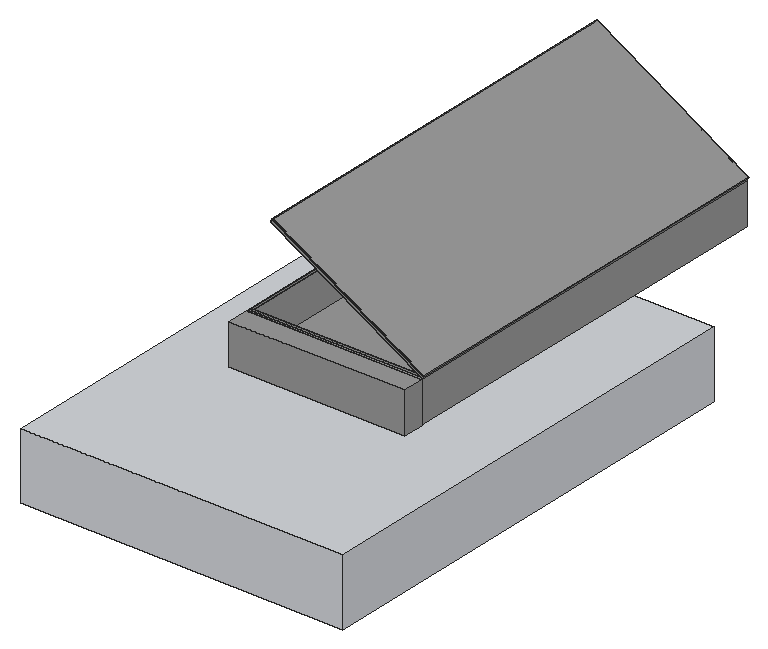
Revit family "Hager-Univers-IP54-D205-H1950-Cl.II-Encl-CH-it", category Equipement électrique, Revit 2020
Family settings
  Hôte = Face
  Configuration du panneau = Deux colonnes, circuits au sein
  Cote de connecteur circulaire = Utiliser le diamètre
  Type d'élément = Tableau de raccordement
  Couper avec des vides une fois chargée = Non
  Partagée = Non
  Point de calcul de pièce = Non
Parameters (values of type "montaggio a pavimento IP54 L800 A1950 P205  - FP23SW2")
  Width Control [instance] = if([EF000008 - Larghezza] > Min Width, [EF000008 - Larghezza], Min Width)  # 800 mm
  Commentaires du type = [HG000003 - Gamma]  # "Univers"
  Thickness Door [instance] = if([EF009171 - spessore materiale porta/coperchio] > 3 mm, 3 mm, [EF009171 - spessore materiale porta/coperchio])  # 1 mm
  Seal Frame Offset [instance] = 17 mm  # constant formula
  Plinth Visibility [instance] = [HG000027 - Altezza dello zoccolo] > 0 mm  # yes
  Model = ""
  Min Width [instance] = 100 mm  # constant formula
  Min Height [instance] = 100 mm  # constant formula
  Min Depth [instance] = (2 * [EF009170 - spessore materiale scatola]) + 1 mm  # 3 mm
  Internal Frame Depth [instance] = (Door System Depth * 0.5)  # 9 mm
  Height Control [instance] = if([EF000040 - Altezza] > Min Height, [EF000040 - Altezza], Min Height)  # 1950 mm
  HG000027 - Altezza dello zoccolo = 100 mm
  HG000026 - A pavimento = yes
  HG000024 - Altezza della sezione inferiore = 800 mm
  HG000023 - Custodia a doppia sezione = no
  HG000016 - Visibilità delle porte nella vista 3D [instance] = yes
  HG000015 - Visibilità attraverso la porta [instance] = no
  HG000014 - Porta destra [instance] = yes
  HG000013 - Porta sinistra [instance] = not([HG000014 - Porta destra])  # no
  HG000012 - Angolo di apertura della porta [instance] = 30.00°
  HG000010 - Porte asimmetriche = no
  HG000009 - Porta doppia a battente = no
  HG000006 - Ad incasso = no
  HG000004 - Codice produttore = "FP23SW2"
  HG000003 - Gamma = "Univers"
  HG000002 - Con porta = yes
  Frame Offset Bottom [instance] = 10 mm  # constant formula
  Frame Offset [instance] = 15 mm  # constant formula
  EF015940 - Coprire con rilascio di sovrapressione = no
  EF011959 - tipo di protezione (NEMA) = ""
  EF009554 - numero delle aperture per la piastra della flangia = 6
  Fabricant = "Hager"  # constant formula
  EF009212 - esecuzione coperchio = "EV000116 - chiuso"
  EF009171 - spessore materiale porta/coperchio = 1 mm
  EF009170 - spessore materiale scatola = 1 mm
  EF008873 - corrente nominale (In) = 400 A
  EF007800 - adatto per parafulmine = no
  EF006306 - con serratura = no
  EF006244 - coperchio/porta trasparente = no
  EF005474 - grado di protezione (IP) = "EV006419 - IP54"
  EF004464 - tipo di porta = "EV002646 - singolo"
  EF004427 - numero di moduli = 432
  EF004293 - resistenza agli urti = "EV006815 - IK09"
  EF003532 - adatto per uso esterno = no
  EF002950 - Numero moduli DIN = 36
  EF001613 - Integrità del circuito = "EV000494 - senza"
  EF001596 - Attacco Lampada = "EV000179 - acciaio"
  EF001131 - profondità interna = 143 mm
  EF001088 - possibilità di applicazione = yes
  EF000437 - numero di ingressi per conduttori = 6
  EF000339 - tipo di copertura = "EV001012 - coperchio"
  EF000266 - numero di file = 12
  EF000218 - profondità di incasso = 0 mm
  EF000118 - con piastra di montaggio = no
  EF000116 - numero RAL = "9010"
  EF000049 - profondità = 205 mm
  EF000040 - Altezza = 1950 mm
  EF000008 - Larghezza = 800 mm
  EF000007 - colore = "EV000202 - bianco"
  EF000003 - Tipo di montaggio = "EV012274 - montaggio a pavimento"
  Door System Leaf Tolerance [instance] = 1.5 mm  # constant formula
  Door System Depth [instance] = 18 mm  # constant formula
  Door Height [instance] = Height Control - [HG000027 - Altezza dello zoccolo]  # 1850 mm
  Depth Control [instance] = if([EF000049 - profondità] > Min Depth, [EF000049 - profondità], Min Depth)  # 205 mm
  Default Elevation = 0 mm
  Connector Offset [instance] = Height Control / 2  # 975 mm
  Bottom Top Plate Trim [instance] = 1.5 mm  # constant formula
  Plinth height Ctrl [instance] = if([HG000027 - Altezza dello zoccolo] > 0 mm, [HG000027 - Altezza dello zoccolo], 12 mm)  # 100 mm
Types (5, lengths in mm): name | Width Control | HG000010 - Porte asimmetriche | HG000009 - Porta doppia a battente | HG000004 - Codice produttore | EF009554 - numero delle aperture per la piastra della flangia | EF008873 - corrente nominale (In) | EF004464 - tipo di porta | EF004427 - numero di moduli | EF002950 - Numero moduli DIN | EF001131 - profondità interna | EF000437 - numero di ingressi per conduttori | EF000008 - Larghezza
  montaggio a pavimento IP54 L1050 A1950 P205  - FP24SW2 | 1050 | no | yes | "FP24SW2" | 8 | 400 A | "EV003602 - doppio" | 576 | 48 | 143 | 8 | 1050
  montaggio a pavimento IP54 L1300 A1950 P205  - FP25SW2 | 1300 | yes | yes | "FP25SW2" | 10 | 400 A | "EV003602 - doppio" | 720 | 60 | 130 | 10 | 1300
  montaggio a pavimento IP54 L300 A1950 P205  - FP21SW2 | 300 | no | no | "FP21SW2" | 2 | 250 A | "EV002646 - singolo" | 144 | 12 | 143 | 2 | 300
  montaggio a pavimento IP54 L550 A1950 P205  - FP22SW2 | 550 | no | no | "FP22SW2" | 4 | 400 A | "EV002646 - singolo" | 288 | 24 | 143 | 4 | 550
  montaggio a pavimento IP54 L800 A1950 P205  - FP23SW2 | 800 | no | no | "FP23SW2" | 6 | 400 A | "EV002646 - singolo" | 432 | 36 | 143 | 6 | 800
Reference planes
  plane 1 "Center (Front/Back)": y = 0
  plane 2: z = 0
  plane 3 "Center (Left/Right)": x = 0
  plane 4: z = 205
  plane 5: y = 101
  plane 6: y = 1025
  plane 7: y = 100
  plane 8: y = 1950
  plane 9: z = 0
  plane 10: x = -385
  plane 11: x = 385
  plane 12: x = 384
  plane 13: x = -384
  plane 14: y = 1949
  plane 15: x = -383
  plane 16: x = -400
  plane 17: x = 383
  plane 18: x = 400
  plane 19: x = 399
  plane 20: x = -399
  plane 21: y = 111
  plane 22: y = 1950
  plane 23: y = 1934
  plane 24: z = 187
  plane 25: z = 1
  plane 26: z = 186
  plane 27: z = 204
Forms (mm)
  Extrusion 1, solid
    sketch origin (0, 0, 0) x (1, 0, 0) y (0, 1, 0)
      loop
        line (-702.964, 1305) -> (-702.964, -811.445) -> (766.763, -811.445) -> (766.763, 1305) -> (-702.964, 1305)
    from 0 to -304.8
  Extrusion 2, solid, material "Hager_Steel_RAL7035_Light_Grey", visible <- "Plinth Visibility", detail levels medium+fine
    sketch origin (0, 0, 0) x (1, 0, 0) y (0, 1, 0)
      loop
        line (-400, 0) -> (400, 0) -> (400, 100) -> (-400, 100) -> (-400, 0)
    from 0 to 187
  Extrusion 3, solid, material "Hager_Steel_RAL7035_Light_Grey", detail levels medium+fine
    sketch origin (0, 0, 0) x (1, 0, 0) y (0, 1, 0)
      loop
        line (-400, 100) -> (400, 100) -> (400, 1950) -> (-400, 1950) -> (-400, 100)
    from 0 to 187
  Extrusion 4, void
    sketch origin (0, 0, 0) x (1, 0, 0) y (0, 1, 0)
      loop
        line (-399, 101) -> (399, 101) -> (399, 1949) -> (-399, 1949) -> (-399, 101)
    from 1 to 186
  Extrusion 5, void
    sketch origin (-381.607, -4572, 187) x (0, -1, 0) y (-1, 0, 0)
      loop
        line (-4683, 2.393) -> (-6506, 2.393) -> (-6506, -765.607) -> (-4683, -765.607) -> (-4683, 2.393)
    from 0 to 1 <- "EF009170 - spessore materiale scatola"
  Extrusion 6, solid, material "Hager_Steel_RAL7035_Light_Grey", detail levels fine
    sketch origin (0, 0, 187) x (1, 0, 0) y (0, 1, 0)
      loop
        line (-384, 1934) -> (-384, 111) -> (384, 111) -> (384, 1934) -> (-384, 1934)
      loop
        line (-385, 110) -> (385, 110) -> (385, 1935) -> (-385, 1935) -> (-385, 110)
    from 0 to 9 <- "Internal Frame Depth"
  Extrusion 7, solid, material "Hager_Steel_RAL7035_Light_Grey", detail levels coarse
    sketch origin (0, 0, 0) x (1, 0, 0) y (0, 1, 0)
      loop
        line (-400, 0) -> (400, 0) -> (400, 1950) -> (-400, 1950) -> (-400, 0)
    from 0 to 205
  Sweep 8, void
    path in 3D
      loop
        line (-400, 100, 0) -> (400, 100, 0) -> (400, 100, 187) -> (-400, 100, 187) -> (-400, 100, 0)
    profile origin (-400, 100, 93.5) x (-1, 0, 0) y (0, -1, 0)
      loop
        line (0, 0) -> (0, 1.5) -> (-1.5, 1.5)
        arc (-1.5, 1.5) -> (-1.061, 0.439) -> (0, 0) r 1.5
Cuts and joins
  Extrusion 4, Extrusion 5 cuts Extrusion 3
  Sweep 8 cuts Extrusion 2
Lines and regions (mm)
  Masking region 1
    outline origin (0, 0, 0) x (1, 0, 0) y (0, 0, 1)
      loop
        line (-400, 205) -> (-400, 0) -> (400, 0) -> (400, 205) -> (-400, 205)
  Masking region 2, detail levels medium+fine
    outline origin (0, 140, 0) x (0, 1, 0) y (0, 0, 1)
      loop
        line (-40, 0) -> (1810, 0) -> (1810, 187) -> (-40, 187) -> (-40, 0)
  Masking region 3, not visible, detail levels medium+fine
    outline origin (0, 297.922, 0) x (0, 1, 0) y (0, 0, 1)
      loop
        line (738.578, 0) -> (778.578, 0) -> (778.578, 194)
        arc (778.578, 194) -> (775.649, 201.071) -> (768.578, 204) r 10
        line (768.578, 204) -> (738.578, 204) -> (738.578, 0)
  Masking region 4, detail levels coarse
    outline origin (0, 0, 180) x (0, 1, 0) y (0, 0, 1)
      loop
        line (0, -180) -> (1950, -180) -> (1950, 25) -> (0, 25) -> (0, -180)
  Masking region 5, visible <- "Plinth Visibility", detail levels medium+fine
    outline origin (0, 52.24, 12.345) x (0, 0, -1) y (0, 1, 0)
      loop
        line (10.845, 47.76) -> (-173.155, 47.76)
        arc (-173.155, 47.76) -> (-173.594, 46.699) -> (-174.655, 46.26) r 1.5
        line (-174.655, 46.26) -> (-174.655, -52.24) -> (12.345, -52.24) -> (12.345, 46.26)
        arc (12.345, 46.26) -> (11.285, 46.699) -> (10.845, 47.76) r 1.5
  Masking region 6, detail levels medium+fine
    outline origin (-381.607, -4572, 187) x (-1, 0, 0) y (0, -1, 0)
      loop
        line (18.393, -6522) -> (18.393, -4672) -> (-781.607, -4672) -> (-781.607, -6522) -> (18.393, -6522)
  Masking region 7, visible <- "Plinth Visibility", detail levels medium+fine
    outline origin (-381.607, -4727, 187) x (-1, 0, 0) y (0, -1, 0)
      loop
        arc (16.893, -4827) -> (17.332, -4825.939) -> (18.393, -4825.5) r 1.5
        line (18.393, -4825.5) -> (18.393, -4727) -> (-781.607, -4727) -> (-781.607, -4825.5)
        arc (-781.607, -4825.5) -> (-780.546, -4825.939) -> (-780.107, -4827) r 1.5
        line (-780.107, -4827) -> (16.893, -4827)
  Masking region 8, detail levels coarse
    outline origin (-442.548, -4669.526, 187) x (-1, 0, 0) y (0, -1, 0)
      loop
        line (-42.548, -6619.526) -> (-42.548, -4669.526) -> (-842.548, -4669.526) -> (-842.548, -6619.526) -> (-42.548, -6619.526)
  sketch lines
    curve 1: line (-400, 100, 187) -> (-400, 100, 0)
    curve 2: line (400, 100, 187) -> (-400, 100, 187)
    curve 3: line (400, 100, 187) -> (400, 100, 0)
    curve 4: line (-400, 100, 0) -> (400, 100, 0)
Dimensions and locks
  "Depth Control": plane 4 to Extrusion 1
  "HG000027 - Altezza dello zoccolo": plane 1 "Center (Front/Back)" to plane 7
  "EF009170 - spessore materiale scatola": plane 5 to plane 7
  locked: connector elem to plane 3 "Center (Left/Right)"
  equal spacing: plane 8, plane 6, plane 7
  locked: connector elem to plane 6
  "EF009170 - spessore materiale scatola": plane 8 to plane 14
  "EF009170 - spessore materiale scatola": plane 10 to plane 13
  "EF009170 - spessore materiale scatola": plane 12 to plane 11
  "Frame Offset": plane 20 to plane 13
  "Frame Offset": plane 12 to plane 19
  "EF009170 - spessore materiale scatola": plane 16 to plane 20
  "EF009170 - spessore materiale scatola": plane 19 to plane 18
  "Seal Frame Offset": plane 16 to plane 15
  "Seal Frame Offset": plane 17 to plane 18
  "Frame Offset Bottom": plane 21 to plane 5
  "Frame Offset": plane 14 to plane 23
  equal spacing: plane 16, plane 3 "Center (Left/Right)", plane 18
  "Width Control": plane 16 to plane 18
  "EF009170 - spessore materiale scatola": plane 4 to plane 27
  "EF009170 - spessore materiale scatola": plane 24 to plane 26
  "EF009170 - spessore materiale scatola": plane 25 to level
  "Door System Depth": plane 4 to plane 24
  "Height Control": plane 1 "Center (Front/Back)" to Extrusion 7 sketch curve
  "Height Control": Masking region 4 sketch curve to plane 1 "Center (Front/Back)"
  "Height Control": plane 1 "Center (Front/Back)" to plane 22
  "Bottom Top Plate Trim": profile plane to Sweep 8 sketch curve
  "Bottom Top Plate Trim": Sweep 8 sketch curve to profile plane
  "Plinth height Ctrl": plane 1 "Center (Front/Back)" to Extrusion 2 sketch curve
  "Plinth height Ctrl": Masking region 5 sketch curve to plane 1 "Center (Front/Back)"
  "Plinth height Ctrl": plane 1 "Center (Front/Back)" to Masking region 7 sketch curve
  "Thickness Door": Extrusion 6 sketch curve to Extrusion 6 sketch curve  (x3)
  "Thickness Door": cut or joined group of Extrusion 3, Extrusion 4, Extrusion 5 to Extrusion 6 sketch curve
  radius of Masking region 3 sketch curve = 10 mm
  "Bottom Top Plate Trim": radius of Masking region 5 sketch curve  (x2)
  "Bottom Top Plate Trim": radius of Sweep 8 sketch curve
  "Bottom Top Plate Trim": radius of Masking region 7 sketch curve  (x2)
  aligned and locked: plane 2 to Extrusion 1
  aligned and locked: level to Extrusion 1
  aligned and locked: level to Masking region 1 sketch curve
  aligned and locked: Masking region 1 sketch curve to plane 18
  aligned and locked: Masking region 1 sketch curve to plane 16
  aligned and locked: plane 7 to Masking region 2 sketch curve
  aligned and locked: level to Masking region 3 sketch curve
  aligned and locked: Masking region 3 sketch curve to plane 27
  aligned and locked: level to Masking region 2 sketch curve
  aligned and locked: plane 1 "Center (Front/Back)" to Extrusion 2 sketch curve
  aligned and locked: Extrusion 3 sketch curve to plane 7
  aligned and locked: plane 16 to Extrusion 3 sketch curve
  aligned and locked: plane 18 to Extrusion 3 sketch curve
  aligned and locked: plane 20 to Extrusion 4 sketch curve
  aligned and locked: plane 19 to Extrusion 4 sketch curve
  aligned and locked: Extrusion 4 sketch curve to plane 5
  aligned and locked: Extrusion 4 to plane 25
  aligned and locked: plane 26 to Extrusion 4
  aligned and locked: plane 24 to Extrusion 3
  aligned and locked: Extrusion 5 sketch curve to plane 21
  aligned and locked: Extrusion 5 sketch curve to plane 13
  aligned and locked: Extrusion 5 sketch curve to plane 12
  aligned and locked: plane 18 to Extrusion 7 sketch curve
  aligned and locked: plane 1 "Center (Front/Back)" to Extrusion 7 sketch curve
  aligned and locked: plane 16 to Extrusion 7 sketch curve
  aligned and locked: plane 4 to Extrusion 7
  aligned and locked: Extrusion 7 to level
  aligned and locked: level to Masking region 4 sketch curve
  aligned and locked: Masking region 4 sketch curve to plane 1 "Center (Front/Back)"
  aligned and locked: Masking region 4 sketch curve to plane 4
  aligned and locked: nested 1 to level
  aligned and locked: nested 1 to plane 16
  aligned and locked: plane 8 to Extrusion 3 sketch curve
  aligned and locked: plane 23 to Extrusion 5 sketch curve
  aligned and locked: plane 14 to Extrusion 4 sketch curve
  aligned and locked: Masking region 2 sketch curve to plane 8
  aligned and locked: level to Masking region 5 sketch curve
  aligned and locked: plane 16 to Extrusion 2 sketch curve
  aligned and locked: plane 18 to Extrusion 2 sketch curve
  aligned and locked: Masking region 5 sketch curve to plane 24
  aligned and locked: Masking region 2 sketch curve to plane 24
  aligned and locked: plane 24 to Extrusion 2
  aligned and locked: profile plane to Sweep 8 sketch curve  (x2)
  aligned and locked: Masking region 6 sketch curve to plane 18
  aligned and locked: Masking region 6 sketch curve to plane 22
  aligned and locked: Masking region 6 sketch curve to plane 16
  aligned and locked: plane 8 to plane 22
  aligned and locked: Masking region 6 sketch curve to plane 7
  aligned and locked: Masking region 7 sketch curve to plane 16
  aligned and locked: Masking region 7 sketch curve to plane 1 "Center (Front/Back)"
  aligned and locked: Masking region 7 sketch curve to plane 18
  aligned and locked: Masking region 8 sketch curve to plane 1 "Center (Front/Back)"
  aligned and locked: Masking region 8 sketch curve to plane 18
  aligned and locked: Masking region 8 sketch curve to plane 22
  aligned and locked: Masking region 8 sketch curve to plane 16
  aligned and locked: nested 2 to plane 7
  aligned and locked: plane 3 "Center (Left/Right)" to nested 2
  aligned and locked: nested 2 to plane 24
  aligned and locked: Extrusion 6 sketch curve to cut or joined group of Extrusion 3, Extrusion 4, Extrusion 5  (x4)
Automatic sketch dimensions
  Extrusion 1 sketch curve to Extrusion 1 sketch curve = 1469.727 mm
  Extrusion 1 sketch curve to Extrusion 1 sketch curve = 2116.445 mm
  Masking region 1 sketch curve to plane 4 = 0 mm
  plane 6 to Masking region 3 sketch curve = 11.5 mm
  Masking region 3 sketch curve to Masking region 3 sketch curve = 30 mm
  Masking region 5 sketch curve to plane 1 "Center (Front/Back)" = 0 mm
Nested families
  nested 1: "Hager_Enclosure_Symbol" at (-400, 0, 0) x (1, 0, 0) z (0, -1, 0), Height <- "Depth Control", Width <- "Width Control", type "Hager_Enclosure_Symbol"
    with Width_Ctrl 800 mm, Width 800 mm, Height_Ctrl 205 mm, Height 205 mm, A_Width_Int 13.453 mm, A_Width 161.438 mm, A_Height_Ctrl 179.375 mm, A_Height 179.375 mm
  nested 2: "EC000058_Univers_Door" at (0, 100, 187) x (1, 0, 0) z (0, 1, 0), Leaf_Tolerance <- "Door System Leaf Tolerance", Angle <- "HG000012 - Angolo di apertura della porta", Door_Depth <- "Door System Depth", Door_Left <- "HG000013 - Porta sinistra", Transparent <- "EF006244 - coperchio/porta trasparente", Assymetrical <- "HG000010 - Porte asimmetriche", Width <- "Width Control", Clearance <- "HG000015 - Visibilità attraverso la porta", Double <- "HG000009 - Porta doppia a battente", 3d_Door <- "HG000016 - Visibilità delle porte nella vista 3D", Lock_Visibility <- "EF006306 - con serratura", Width_Ctrl <- "Width Control", Door_Right <- "HG000014 - Porta destra", Door <- "HG000002 - Con porta", Height <- "Door Height", Thickness <- "Thickness Door", type "EC000058_Univers_Door", detail levels medium+fine
    with min_wh 3 mm, Width_Ctrl 800 mm, Width 800 mm, Transparent no, Thickness 1 mm, Seal_Material Hager_Rubber, Lock_Visibility no, Lock_Material Hager_Plastic_RAL9005_Jet_Black, Leaf_Width 800 mm, Leaf_Tolerance_External_Sides 0 mm, Leaf_Tolerance 1.5 mm, Leaf_Offset 0 mm, Leaf_Height 1847 mm, Leaf_2_Width 800 mm, Leaf_2_Offset 400 mm, Leaf_1_Width 800 mm, Leaf_1_Offset 400 mm, Height_Ctrl 1850 mm, Height 1850 mm, Glass_Material Hager_Glass, Double_Clearance_Ctrl no, Double no, Door_Right_Ctrl yes, Door_Right yes, Door_Material Hager_Steel_RAL7035_Light_Grey, Door_Left_Ctrl no, Door_Left no, Door_Depth 18 mm, Door yes, Clearance_Material Hager_Clearance, Clearance_Depth 800 mm, Clearance_Ctrl no, Clearance no, Assymetrical no, Angle 30.00°, 3d_Door yes
Connectors
  electrical at (0, 1025, 0)
    settings: on plane 9, index 1, voltage 0 V, apparent load 0 VA, apparent load phase1 0 VA, apparent load phase2 0 VA, apparent load phase3 0 VA, power factor 1, load classification "Other", number of poles 1, system type 30, power factor state 1, is connector primary yes, connector utility no, sub classification motor no, connector description ""
Definition of nested family "EC000058_Univers_Door"
  Parameters (values of type "EC000058_Univers_Door")
    min_wh [instance] = (2 * Thickness) + 1 mm  # 11 mm
    Width_Ctrl [instance] = 400 mm
    Width [instance] = 500 mm
    Transparent [instance] = yes
    Thickness [instance] = 5 mm
    Seal_Material [instance] = none
    Lock_Visibility [instance] = yes
    Lock_Material [instance] = none
    Leaf_Width [instance] = if((Width_Ctrl - 2 * Leaf_Tolerance_External_Sides) > 0 mm, (Width_Ctrl - 2 * Leaf_Tolerance_External_Sides), min_wh)  # 400 mm
    Leaf_Tolerance_External_Sides [instance] = 0 mm  # constant formula
    Leaf_Tolerance [instance] = 1.5 mm
    Leaf_Offset [instance] = 0 mm  # constant formula
    Leaf_Height [instance] = if((Height_Ctrl - 2 * Leaf_Tolerance) > 0 mm, (Height_Ctrl - 2 * Leaf_Tolerance), min_wh)  # 497 mm
    Leaf_2_Width [instance] = if(and(and(Double, Assymetrical), Door_Left), (Leaf_Width / 3) - (Leaf_Tolerance / 2), if(and(and(Double, Assymetrical), Door_Right), (Leaf_Width / 3) * 2 - (Leaf_Tolerance / 2), if(and(Double, not(Assymetrical)), (Leaf_Width / 2) - Leaf_Tolerance, Leaf_Width)))  # 400 mm
    Leaf_2_Offset [instance] = if(and(Double, Assymetrical), Leaf_2_Width / 2, if(and(Double, not(Assymetrical)), Leaf_Width / 4, Leaf_Width / 2))  # 200 mm
    Leaf_1_Width [instance] = if(and(and(Double, Assymetrical), Door_Right), (Leaf_Width / 3) - (Leaf_Tolerance / 2), if(and(and(Double, Assymetrical), Door_Left), (Width / 3) * 2 - (Leaf_Tolerance / 2), if(and(Double, not(Assymetrical)), (Leaf_Width / 2) - Leaf_Tolerance, Leaf_Width)))  # 400 mm
    Leaf_1_Offset [instance] = if(and(Double, Assymetrical), Leaf_1_Width / 2, if(and(Double, not(Assymetrical)), Leaf_Width / 4, Leaf_Width / 2))  # 200 mm
    Height_Ctrl [instance] = if(Height > min_wh, Height, min_wh)  # 500 mm
    Height [instance] = 500 mm
    Glass_Material [instance] = none
    Double_Clearance_Ctrl [instance] = and(Double, Clearance)  # no
    Double [instance] = no
    Door_Right_Ctrl [instance] = and(or(Door_Right, Double), Door)  # yes
    Door_Right [instance] = yes
    Door_Material [instance] = none
    Door_Left_Ctrl [instance] = and(or(Door_Left, Double), Door)  # no
    Door_Left [instance] = no
    Door_Depth [instance] = 30 mm
    Door [instance] = yes
    Default Elevation = 1219.2 mm
    Clearance_Material [instance] = none
    Clearance_Depth [instance] = if(Leaf_1_Width > Leaf_2_Width, Leaf_1_Width, Leaf_2_Width)  # 400 mm
    Clearance_Ctrl [instance] = and(not(Double), Clearance)  # yes
    Clearance [instance] = yes
    Assymetrical [instance] = yes
    Angle [instance] = 30.00°
    3d_Door [instance] = yes
  Reference planes
    plane 1 "Center (Front/Back)": y = 0
    plane 2 "Bottom": z = 0
    plane 3 "Center (Left/Right)": x = 0
    plane 4: z = 500
    plane 5: x = -200
    plane 6: x = 200
    plane 7: z = 500
    plane 8: x = -200
    plane 9: z = 0
    plane 10: x = 200
    plane 11: y = 0
    plane 12: z = 1.5
    plane 13: x = -600
    plane 14: y = -400
    plane 15: x = 600
    plane 16: x = 0
    plane 17: x = 0
    plane 18: x = -200
    plane 19: x = 200
    plane 20: z = 498.5
  Forms (mm)
    Extrusion 1, solid, material <- "Clearance_Material", visible <- "Double_Clearance_Ctrl"
      sketch origin (1200, 0, 0) x (1, 0, 0) y (0, 0, -1)
        loop
          line (-1800, -498.5) -> (-600, -498.5) -> (-600, 0) -> (-1800, 0) -> (-1800, -498.5)
      from 0 to -400
  Dimensions and locks
    equal spacing: plane 5, plane 3 "Center (Left/Right)", plane 6
    "Width_Ctrl": plane 5 to plane 6
    "Leaf_Offset": plane 5 to plane 8
    "Leaf_Offset": plane 6 to plane 10
    "Leaf_Offset": plane 9 to level
    "Leaf_Offset": plane 4 to plane 7
    "Height_Ctrl": plane 4 to level
    "Leaf_Tolerance": plane 12 to plane 9
    locked: plane 11 to plane 1 "Center (Front/Back)"
    "Leaf_1_Offset": plane 18 to plane 16
    "Leaf_2_Offset": plane 17 to plane 19
    "Leaf_1_Width": plane 13 to plane 8
    "Leaf_2_Width": plane 10 to plane 15
    "Clearance_Depth": plane 14 to plane 1 "Center (Front/Back)"
    "Leaf_Tolerance_External_Sides": plane 8 to plane 18
    "Leaf_Tolerance_External_Sides": plane 19 to plane 10
    "Leaf_Tolerance": plane 7 to plane 20
    aligned and locked: level to plane 2 "Bottom"
    aligned and locked: nested 1 to plane 16
    aligned and locked: nested 2 to plane 17
    aligned and locked: Extrusion 1 to plane 13
    aligned and locked: plane 15 to Extrusion 1
    aligned and locked: Extrusion 1 to plane 14
    aligned and locked: plane 12 to nested 1
    aligned and locked: nested 2 to plane 12
    aligned and locked: Extrusion 1 to plane 11
    aligned and locked: plane 20 to Extrusion 1
    aligned and locked: nested 2 to plane 11
    aligned and locked: nested 1 to plane 11
  Automatic sketch dimensions
    Extrusion 1 sketch curve to level = 0 mm
    plane 5 to Extrusion 1 sketch curve = 400 mm
    plane 6 to Extrusion 1 sketch curve = 400 mm
    Extrusion 1 sketch curve to plane 4 = 1.5 mm
  Nested families
    nested 1: "EC000058_Univers_Door_Leaf" at (0, 0, 1.5), Width <- "Leaf_1_Width", visible <- "Door_Left_Ctrl", Leaf_Height <- "Leaf_Height", Angle <- "Angle", 3d_Door <- "3d_Door", Transparent <- "Transparent", Clearance Material <- "Clearance_Material", Clearance <- "Clearance_Ctrl", Door_Material <- "Door_Material", Glass_Material <- "Glass_Material", Door_Depth <- "Door_Depth", Lock_Material <- "Lock_Material", Seal_Material <- "Seal_Material", Lock_Visibility <- "Lock_Visibility", Thickness <- "Thickness", type "EC000058_Univers_Door_Leaf"
      with Width 400 mm, Transparent_Glass_Offset 30 mm, Transparent_Ctrl yes, Transparent yes, Thickness 5 mm, Standard no, Seal_Material none, Seal_D2 8 mm, Seal_D1 1 mm, Offset_Internal_Frame 10 mm, Lock_Width 20 mm, Lock_Visibility_3d yes, Lock_Visibility yes, Lock_Thickness_3 3 mm, Lock_Thickness_2 1 mm, Lock_Thickness_1 3 mm, Lock_Radius_Offset_2 16 mm, Lock_Radius_Offset_1 15 mm, Lock_Radius_2 5 mm, Lock_Radius 6 mm, Lock_Offset 5 mm, Lock_Material none, Lock_Height 80 mm, Lock_Cover_Top_Offset_2d 17 mm, Lock_Cover_Height -65 mm, Leaf_Height 497 mm, Internal_Seal_Thickness 8 mm, Internal_Seal_Depth_2 4.5 mm, Internal_Frame_Depth 25 mm, Glass_Thickness -1 mm, Glass_Offset -2 mm, Glass_Material none, Door_Material none, Door_Depth 30 mm, Clearance Material none, Clearance yes, Angle_Ctrl 30.00°, Angle 30.00°, 3d_Door yes
    nested 2: "EC000058_Univers_Door_Leaf" at (0, 0, 1.5) x (-1, 0, 0) z (0, 0, 1), Width <- "Leaf_2_Width", visible <- "Door_Right_Ctrl", Leaf_Height <- "Leaf_Height", Angle <- "Angle", 3d_Door <- "3d_Door", Transparent <- "Transparent", Clearance Material <- "Clearance_Material", Clearance <- "Clearance_Ctrl", Door_Material <- "Door_Material", Glass_Material <- "Glass_Material", Door_Depth <- "Door_Depth", Lock_Material <- "Lock_Material", Seal_Material <- "Seal_Material", Lock_Visibility <- "Lock_Visibility", Thickness <- "Thickness", type "EC000058_Univers_Door_Leaf"
      with Width 400 mm, Transparent_Glass_Offset 30 mm, Transparent_Ctrl yes, Transparent yes, Thickness 5 mm, Standard no, Seal_Material none, Seal_D2 8 mm, Seal_D1 1 mm, Offset_Internal_Frame 10 mm, Lock_Width 20 mm, Lock_Visibility_3d yes, Lock_Visibility yes, Lock_Thickness_3 3 mm, Lock_Thickness_2 1 mm, Lock_Thickness_1 3 mm, Lock_Radius_Offset_2 16 mm, Lock_Radius_Offset_1 15 mm, Lock_Radius_2 5 mm, Lock_Radius 6 mm, Lock_Offset 5 mm, Lock_Material none, Lock_Height 80 mm, Lock_Cover_Top_Offset_2d 17 mm, Lock_Cover_Height -65 mm, Leaf_Height 497 mm, Internal_Seal_Thickness 8 mm, Internal_Seal_Depth_2 4.5 mm, Internal_Frame_Depth 25 mm, Glass_Thickness -1 mm, Glass_Offset -2 mm, Glass_Material none, Door_Material none, Door_Depth 30 mm, Clearance Material none, Clearance yes, Angle_Ctrl 30.00°, Angle 30.00°, 3d_Door yes
  Definition of nested family "EC000058_Univers_Door_Leaf"
    Parameters (values of type "EC000058_Univers_Door_Leaf")
      Width [instance] = 2000 mm
      Transparent_Glass_Offset [instance] = 30 mm
      Transparent_Ctrl [instance] = and(Transparent, [3d_Door])  # yes
      Transparent [instance] = yes
      Thickness [instance] = 5 mm
      Standard [instance] = and(not(Transparent), [3d_Door])  # no
      Seal_Material [instance] = none
      Seal_D2 [instance] = 8 mm  # constant formula
      Seal_D1 [instance] = 1 mm  # constant formula
      Offset_Internal_Frame [instance] = 10 mm  # constant formula
      Lock_Width [instance] = 20 mm  # constant formula
      Lock_Visibility_3d [instance] = and(Lock_Visibility, [3d_Door])  # yes
      Lock_Visibility [instance] = yes
      Lock_Thickness_3 [instance] = 3 mm  # constant formula
      Lock_Thickness_2 [instance] = 1 mm  # constant formula
      Lock_Thickness_1 [instance] = 3 mm  # constant formula
      Lock_Radius_Offset_2 [instance] = Lock_Radius_Offset_1 + 1 mm  # 16 mm
      Lock_Radius_Offset_1 [instance] = 15 mm  # constant formula
      Lock_Radius_2 [instance] = Lock_Radius - 1 mm  # 5 mm
      Lock_Radius [instance] = 6 mm  # constant formula
      Lock_Offset [instance] = 5 mm  # constant formula
      Lock_Material [instance] = none
      Lock_Height [instance] = 80 mm  # constant formula
      Lock_Cover_Top_Offset_2d [instance] = Lock_Radius_Offset_2 + 1 mm  # 17 mm
      Lock_Cover_Height [instance] = -(Lock_Height - Lock_Radius_Offset_1)  # -65 mm
      Leaf_Height [instance] = 2720.336 mm
      Internal_Seal_Thickness [instance] = 8 mm  # constant formula
      Internal_Seal_Depth_2 [instance] = 4.5 mm  # constant formula
      Internal_Frame_Depth [instance] = if(Door_Depth - Thickness > 5 mm, Door_Depth - Thickness, 5 mm)  # 25 mm
      Glass_Thickness [instance] = if(Thickness > 15 mm, Glass_Offset + 10 mm, -1 mm)  # -1 mm
      Glass_Offset [instance] = if(Thickness > 15 mm, -(Thickness + 10 mm) / 2, -2 mm)  # -2 mm
      Glass_Material [instance] = none
      Door_Material [instance] = none
      Door_Depth [instance] = 30 mm
      Default Elevation = 0 mm
      Clearance Material [instance] = none
      Clearance [instance] = yes
      Angle_Ctrl [instance] = if(Angle > 180.00°, 180.00°, Angle)  # 90.00°
      Angle [instance] = 90.00°
      3d_Door [instance] = yes
    Reference planes
      plane 1 "Center (Front/Back)": y = 0
      plane 2: z = 0
      plane 3 "Center (Left/Right)": x = 0
      plane 4: y = 2000
      plane 5: x = -1000
      plane 6: x = 1000
      plane 7: x = -3000
      plane 8: z = 2720.336
      plane 9: z = 30
      plane 10: z = 2690.336
      plane 11: x = 970
      plane 12: x = -970
      plane 13: y = -3
      plane 14: z = 107.833
      plane 15: y = -5
      plane 16: y = -223.314
      plane 17: x = -1000
      plane 18: z = 1360.168
      plane 19: y = 30
    Forms (mm)
      Extrusion 1, solid, material <- "Clearance Material", visible <- "Clearance"
        sketch origin (0, 0, 0) x (1, 0, 0) y (0, 0, 1)
          loop
            line (-3000, 2720.336) -> (-3000, 0) -> (1000, 0) -> (1000, 2720.336) -> (-3000, 2720.336)
        from 0 to -2000
      Extrusion 2, solid, material <- "Door_Material", visible <- "Standard", detail levels medium+fine
        sketch origin (-1000, 0, 0) x (0, 1, 0) y (-1, 0, 0)
          loop
            line (0, 30) -> (0, 25) -> (2000, 25) -> (2000, 30) -> (0, 30)
        from 0 to 2720.336 <- "Leaf_Height"
      Extrusion 3, solid, material <- "Door_Material", visible <- "Transparent_Ctrl", detail levels medium+fine
        sketch origin (-1000, 0, 0) x (0, 1, 0) y (-1, 0, 0)
          loop
            line (0, 25) -> (2000, 25) -> (2000, 30) -> (0, 30) -> (0, 25)
        from 0 to 2720.336 <- "Leaf_Height"
      Extrusion 4, void
        sketch origin (-1025, 2000, 0) x (0, 1, 0) y (0, 0, -1)
          loop
            line (-30, -2690.336) -> (-30, -30) -> (-1970, -30) -> (-1970, -2690.336) -> (-30, -2690.336)
        from 0 to 5 <- "Thickness"
      Sweep 5, solid, material <- "Seal_Material", visible <- "Transparent_Ctrl", detail levels fine
        path in 3D
          loop
            line (-1025, 30, 30) -> (-1025, 30, 2690.336) -> (-1025, 1970, 2690.336) -> (-1025, 1970, 30) -> (-1025, 30, 30)
        profile origin (-1025, 1000, 30) x (1, 0, 0) y (0, 0, 1)
          loop
            line (0, 0) -> (0, -8) -> (1, -8) -> (1, 0) -> (0, 0)
      Extrusion 6, solid, material <- "Glass_Material", visible <- "Transparent_Ctrl", detail levels medium+fine
        sketch origin (-1030, 0, 0) x (0, 1, 0) y (0, 0, -1)
          loop
            line (1970, -2690.336) -> (1970, -30) -> (30, -30) -> (30, -2690.336) -> (1970, -2690.336)
        from -2 <- "Glass_Offset" to -1 <- "Glass_Thickness"
      Extrusion 7, solid, material <- "Door_Material", visible <- "3d_Door", detail levels medium+fine
        sketch origin (-1025, 2000, 0) x (0, -1, 0) y (0, 0, -1)
          loop
            line (0, -2720.336) -> (2000, -2720.336) -> (2000, 0) -> (0, 0) -> (0, -2720.336)
          loop
            line (1995, -5) -> (5, -5) -> (5, -2715.336) -> (1995, -2715.336) -> (1995, -5)
        from 0 to 25 <- "Internal_Frame_Depth"
      Sweep 8, solid, material <- "Seal_Material", visible <- "Transparent_Ctrl", detail levels fine
        path in 3D
          loop
            line (-1025, 0, 0) -> (-1025, 2000, 0) -> (-1025, 2000, 2720.336) -> (-1025, 0, 2720.336) -> (-1025, 0, 0)
        profile origin (-1025, 0, 1360.168) x (1, 0, 0) y (0, 1, 0)
          loop
            line (0, 10) -> (2.975, 10)
            arc (2.975, 10) -> (4.053, 10.447) -> (4.5, 11.525) r 1.525
            line (4.5, 11.525) -> (4.5, 16.527)
            arc (4.5, 16.527) -> (4.069, 17.569) -> (3.027, 18) r 1.473
            line (3.027, 18) -> (0, 18) -> (0, 10)
      Extrusion 9, solid, material <- "Lock_Material", visible <- "Lock_Visibility_3d", detail levels fine
        sketch origin (-1030, 0, 0) x (0, 1, 0) y (0, 0, -1)
          loop
            arc (1993.5, -1400.168) -> (1994.561, -1399.729) -> (1995, -1398.668) r 1.5
            line (1995, -1398.668) -> (1995, -1320.168) -> (1975, -1320.168) -> (1975, -1398.668)
            arc (1975, -1398.668) -> (1975.439, -1399.729) -> (1976.5, -1400.168) r 1.5
            line (1976.5, -1400.168) -> (1993.5, -1400.168)
        from 3 <- "Lock_Thickness_1" to 0
      Blend 10, solid, material <- "Lock_Material", visible <- "Lock_Visibility_3d", detail levels fine
        base sketch origin (-1033, 0, 0) x (0, 1, 0) y (0, 0, -1)
          loop
            line (1975, -1320.168) -> (1975, -1398.668)
            arc (1975, -1398.668) -> (1975.439, -1399.729) -> (1976.5, -1400.168) r 1.5
            line (1976.5, -1400.168) -> (1993.5, -1400.168)
            arc (1993.5, -1400.168) -> (1994.561, -1399.729) -> (1995, -1398.668) r 1.5
            line (1995, -1398.668) -> (1995, -1320.168) -> (1975, -1320.168)
        top sketch origin (-1033, 0, 0) x (0, 1, 0) y (0, 0, -1)
          loop
            line (1976, -1320.168) -> (1976, -1398.668)
            arc (1976, -1398.668) -> (1976.146, -1399.022) -> (1976.5, -1399.168) r 0.5
            line (1976.5, -1399.168) -> (1993.5, -1399.168)
            arc (1993.5, -1399.168) -> (1993.854, -1399.022) -> (1994, -1398.668) r 0.5
            line (1994, -1398.668) -> (1994, -1320.168) -> (1976, -1320.168)
        from 0 to 1 <- "Lock_Thickness_2"
      Blend 11, solid, material <- "Lock_Material", visible <- "Lock_Visibility_3d", detail levels fine
        base sketch origin (-1034, 0, 0) x (0, 1, 0) y (0, 0, -1)
          loop
            line (1978, -1320.168) -> (1978, -1384.168)
            arc (1978, -1384.168) -> (1985, -1391.168) -> (1992, -1384.168) r 7
            line (1992, -1384.168) -> (1992, -1320.168) -> (1978, -1320.168)
        top sketch origin (-1034, 0, 0) x (0, 1, 0) y (0, 0, -1)
          loop
            line (1991, -1320.168) -> (1979, -1320.168) -> (1979, -1383.168)
            arc (1979, -1383.168) -> (1985, -1389.168) -> (1991, -1383.168) r 6
            line (1991, -1383.168) -> (1991, -1320.168)
        from 0 to 3 <- "Lock_Thickness_3"
      Extrusion 12, solid, material <- "Lock_Material", visible <- "Lock_Visibility_3d", detail levels fine
        sketch origin (-1030, 1975, 1320.168) x (1, 0, 0) y (0, -1, 0)
          loop
            line (-7, -19) -> (-7, -1) -> (0, -1) -> (0, 0) -> (-8, 0) -> (-8, -20) -> (0, -20) -> (0, -19) -> (-7, -19)
        from 0 to -65 <- "Lock_Cover_Height"
      Extrusion 13, void
        sketch origin (-1038, 1995, 1320.168) x (-1, 0, 0) y (0, 0, -1)
          loop
            line (-5, -65) -> (0, -65) -> (-5, -60) -> (-5, -65)
        from 0 to 20 <- "Lock_Width"
      Extrusion 14, void
        sketch origin (-1038, 1975, 1320.168) x (0, -1, 0) y (0, 0, -1)
          loop
            circle (-10, -15.995) r 6
          loop
            circle (-10, -15.995) r 5
        from 0 to 2
      Extrusion 15, solid, material <- "Lock_Material", visible <- "Lock_Visibility_3d", detail levels medium
        sketch origin (-1030, 0, 0) x (0, 1, 0) y (0, 0, -1)
          loop
            arc (1993.5, -1400.168) -> (1994.561, -1399.729) -> (1995, -1398.668) r 1.5
            line (1995, -1398.668) -> (1995, -1320.168) -> (1975, -1320.168) -> (1975, -1398.668)
            arc (1975, -1398.668) -> (1975.439, -1399.729) -> (1976.5, -1400.168) r 1.5
            line (1976.5, -1400.168) -> (1993.5, -1400.168)
        from 8 to 0
    Cuts and joins
      Extrusion 4 cuts Extrusion 3
      Extrusion 13, Extrusion 14 cuts Extrusion 9
      Extrusion 14 cuts Blend 11
      Extrusion 13, Extrusion 14 cuts Extrusion 12
      joined: Extrusion 9, Blend 10, Blend 11, Extrusion 12
      Extrusion 14 cuts Extrusion 15
    Lines and regions (mm)
      Masking region 1, visible <- "Lock_Visibility", detail levels fine
        outline origin (0, 0, 0) x (0, 1, 0) y (0, 0, 1)
          loop
            line (30, 1320.168) -> (33, 1320.168) -> (33, 1400.168) -> (30, 1400.168) -> (30, 1320.168)
      Masking region 2, visible <- "Lock_Visibility", detail levels fine
        outline origin (0, 3.143, 0) x (0, 1, 0) y (0, 0, 1)
          loop
            line (29.857, 1354.168) -> (30.857, 1354.168) -> (30.857, 1366.168) -> (29.857, 1366.168) -> (29.857, 1354.168)
      Masking region 3, detail levels medium+fine
        outline origin (0, 0, 0) x (0, 1, 0) y (0, 0, 1)
          loop
            line (0, 0) -> (30, 0) -> (30, 2720.336) -> (0, 2720.336) -> (0, 0)
      Masking region 4, detail levels medium+fine
        outline origin (0, 0, 0) x (1, 0, 0) y (0, 0, 1)
          loop
            line (-1000, 2720.336) -> (-1000, 0) -> (1000, 0) -> (1000, 2720.336) -> (-1000, 2720.336)
      Masking region 5, visible <- "Lock_Visibility", detail levels fine
        outline origin (-47.116, 0, 0) x (1, 0, 0) y (0, 0, 1)
          loop
            arc (1024.616, 1399.168) -> (1023.556, 1398.729) -> (1023.116, 1397.668) r 1.5
            line (1023.116, 1397.668) -> (1023.116, 1320.168) -> (1041.116, 1320.168) -> (1041.116, 1397.668)
            arc (1041.116, 1397.668) -> (1040.677, 1398.729) -> (1039.616, 1399.168) r 1.5
            line (1039.616, 1399.168) -> (1024.616, 1399.168)
      Masking region 6, visible <- "Lock_Visibility", detail levels medium+fine
        outline origin (-25, 0, 0) x (1, 0, 0) y (0, 0, 1)
          loop
            arc (1001.5, 1400.168) -> (1000.439, 1399.729) -> (1000, 1398.668) r 1.5
            line (1000, 1398.668) -> (1000, 1320.168) -> (1020, 1320.168) -> (1020, 1398.668)
            arc (1020, 1398.668) -> (1019.561, 1399.729) -> (1018.5, 1400.168) r 1.5
            line (1018.5, 1400.168) -> (1001.5, 1400.168)
      Masking region 7, visible <- "Lock_Visibility", detail levels fine
        outline origin (-73.735, 0, 0) x (1, 0, 0) y (0, 0, 1)
          loop
            line (1051.735, 1382.168) -> (1065.735, 1382.168) -> (1065.735, 1384.168)
            arc (1065.735, 1384.168) -> (1058.735, 1391.168) -> (1051.735, 1384.168) r 7
            line (1051.735, 1384.168) -> (1051.735, 1382.168)
      Masking region 8, visible <- "Lock_Visibility", detail levels fine
        outline origin (-73.735, 0, 0) x (1, 0, 0) y (0, 0, 1)
          loop
            line (1052.735, 1382.168) -> (1064.735, 1382.168) -> (1064.735, 1383.168)
            arc (1064.735, 1383.168) -> (1058.735, 1389.168) -> (1052.735, 1383.168) r 6
            line (1052.735, 1383.168) -> (1052.735, 1382.168)
      Masking region 9, visible <- "Lock_Visibility", detail levels fine
        outline origin (-25, 0, 0) x (1, 0, 0) y (0, 0, 1)
          loop
            line (1020, 1320.168) -> (1020, 1382.168) -> (1000, 1382.168) -> (1000, 1320.168) -> (1020, 1320.168)
      Masking region 10, detail levels medium+fine
        outline origin (0, 0, 0) x (1, 0, 0) y (0, 0, 1)
          loop
            circle (985, 1335.144) r 6
      Masking region 11, detail levels fine
        outline origin (0, 0, 0) x (1, 0, 0) y (0, 0, 1)
          loop
            circle (985, 1335.144) r 5
      Masking region 12, visible <- "Lock_Visibility", detail levels fine
        outline origin (0, 12.767, 0) x (0, 1, 0) y (0, 0, 1)
          loop
            line (20.233, 1320.168) -> (21.233, 1320.168) -> (21.233, 1399.168) -> (20.233, 1400.168) -> (20.233, 1320.168)
      Masking region 13, visible <- "Lock_Visibility", detail levels fine
        outline origin (0, 13.767, -10) x (0, 1, 0) y (0, 0, 1)
          loop
            line (20.233, 1330.168) -> (23.233, 1330.168) -> (23.233, 1399.168) -> (20.233, 1402.168) -> (20.233, 1330.168)
      Masking region 14, visible <- "Lock_Visibility", detail levels fine
        outline origin (0, 12.767, -10) x (0, 1, 0) y (0, 0, 1)
          loop
            line (20.233, 1330.168) -> (25.233, 1330.168) -> (25.233, 1399.305) -> (20.233, 1394.305) -> (20.233, 1330.168)
      Masking region 15, visible <- "Lock_Visibility", detail levels medium
        outline origin (0, 0, 0) x (0, 1, 0) y (0, 0, 1)
          loop
            line (30, 1320.168) -> (38, 1320.168) -> (38, 1400.168) -> (30, 1400.168) -> (30, 1320.168)
      Masking region 16, visible <- "Lock_Visibility", detail levels fine
        outline origin (-1000, 0, 0) x (0, 1, 0) y (-1, 0, 0)
          loop
            line (1975, 30) -> (1995, 30) -> (1995, 38) -> (1975, 38) -> (1975, 30)
          loop
            line (1979, 37) -> (1976, 37) -> (1976, 34) -> (1978, 34) -> (1979, 37)
          loop
            line (1994, 37) -> (1991, 37) -> (1992, 34) -> (1994, 34) -> (1994, 37)
      Masking region 17, visible <- "Lock_Visibility", detail levels medium
        outline origin (-1000, 0, 0) x (0, 1, 0) y (-1, 0, 0)
          loop
            line (1975, 30) -> (1995, 30) -> (1995, 38) -> (1975, 38) -> (1975, 30)
      symbolic lines
        curve 1: line (1000, 0, 0) -> (-3000, 0, 0)
        curve 2: arc (1000, 0, 0) -> (-1000, 2000, 0) -> (-3000, 0, 0) r 2000
        curve 4: line (-1030, 0, 0) -> (-1030, 2000, 0)
      reference lines
        curve 3: line (-1000, 0, 0) -> (-1000, 2000, 0)
      symbolic lines, detail levels medium+fine
        curve 5: line (-1030, 2000, 0) -> (-1025, 2000, 0)
        curve 7: line (-1025, 0, 0) -> (-1030, 0, 0)
        curve 8: line (-1025, 0, 0) -> (-1000, 0, 0)
        curve 9: line (-1000, 0, 0) -> (-1000, 2000, 0)
        curve 10: line (-1000, 2000, 0) -> (-1025, 2000, 0)
      symbolic lines, detail levels fine
        curve 6: line (-1025, 2000, 0) -> (-1025, 0, 0)
      sketch lines
        curve 11: line (-1025, 0, 2720.336) -> (-1025, 0, 0)
        curve 12: line (-1025, 2000, 0) -> (-1025, 0, 0)
        curve 13: line (-1025, 2000, 2720.336) -> (-1025, 2000, 0)
        curve 14: line (-1025, 0, 2720.336) -> (-1025, 2000, 2720.336)
        curve 15: line (-1025, 1970, 30) -> (-1025, 30, 30)
        curve 16: line (-1025, 30, 30) -> (-1025, 30, 2690.336)
        curve 17: line (-1025, 1970, 2690.336) -> (-1025, 1970, 30)
        curve 18: line (-1025, 30, 2690.336) -> (-1025, 1970, 2690.336)
      symbolic lines, visible <- "Transparent", detail levels medium+fine
        curve 19: line (-970, 0, 2690.336) -> (970, 0, 2690.336)
        curve 20: line (-970, 0, 30) -> (-970, 0, 2690.336)
        curve 21: line (970, 0, 30) -> (-970, 0, 30)
        curve 22: line (970, 0, 2690.336) -> (970, 0, 30)
    Dimensions and locks
      "Width": plane 1 "Center (Front/Back)" to plane 4
      equal spacing: plane 5, plane 3 "Center (Left/Right)", plane 6
      "Width": plane 5 to plane 6
      "Width": plane 7 to plane 5
      "Leaf_Height": plane 8 to level
      "Width": curve 5 to curve 3
      "Width": curve 3 to curve 3
      plane 8 to plane 10 = 30 mm
      plane 9 to level = 30 mm
      plane 12 to plane 5 = 30 mm
      plane 6 to plane 11 = 30 mm
      Extrusion 1 to Extrusion 4 sketch curve = 30 mm
      "Transparent_Glass_Offset": curve 3 to Extrusion 4 sketch curve
      "Transparent_Glass_Offset": Extrusion 4 sketch curve to cut or joined group of Extrusion 3, Extrusion 4  (x2)
      cut or joined group of Extrusion 3, Extrusion 4 to Extrusion 6 sketch curve = 30 mm
      "Transparent_Glass_Offset": cut or joined group of Extrusion 3, Extrusion 4 to Extrusion 4 sketch curve
      "Thickness": curve 6 to curve 4
      "Thickness": Extrusion 7 sketch curve to Extrusion 7 sketch curve  (x4)
      "Door_Depth": curve 4 to curve 3
      "Offset_Internal_Frame": profile plane to Sweep 8 sketch curve
      "Internal_Seal_Thickness": Sweep 8 sketch curve to Sweep 8 sketch curve
      "Internal_Seal_Depth_2": profile plane to Sweep 8 sketch curve
      "Seal_D1": profile plane to Sweep 5 sketch curve
      "Seal_D2": profile plane to Sweep 5 sketch curve
      "Thickness": Extrusion 2 sketch curve to Extrusion 2 sketch curve
      equal spacing: Extrusion 9 sketch curve, plane 18, Extrusion 9 sketch curve  (x2)
      equal spacing: Masking region 1 sketch curve, plane 18, Masking region 1 sketch curve
      "Lock_Height": Masking region 1 sketch curve to Masking region 1 sketch curve
      "Lock_Radius": Masking region 2 sketch curve to plane 18 to Masking region 2 sketch curve
      Masking region 2 sketch curve to Masking region 1 = 1 mm
      "Door_Depth": plane 19 to plane 1 "Center (Front/Back)"
      "Lock_Thickness_1": Masking region 1 sketch curve to plane 19
      "Lock_Width": Extrusion 9 sketch curve to Extrusion 9 sketch curve
      "Lock_Height": Extrusion 9 sketch curve to Extrusion 9 sketch curve
      "Lock_Offset": cut or joined group of Extrusion 3, Extrusion 4 to Extrusion 9 sketch curve
      equal spacing: plane 8, plane 18, level
      "Lock_Radius_Offset_1": Blend 11 sketch curve to Blend 10
      locked: Blend 10 to Blend 11 sketch curve at 2  (x2)
      locked: var sketch to Blend 11 sketch curve at 1  (x2)
      "Lock_Radius_Offset_2": Blend 11 sketch curve to Blend 10
      locked: Extrusion 12 sketch curve to Extrusion 12 sketch curve at 1  (x3)
      Masking region 6 sketch curve to Masking region 6 sketch curve = 80 mm
      "Lock_Height": Masking region 6 sketch curve to Masking region 6 sketch curve
      "Lock_Width": Masking region 6 sketch curve to Masking region 6 sketch curve
      locked: Masking region 6 to Masking region 5 sketch curve at 1  (x3)
      locked: Masking region 5 to Masking region 7 sketch curve at 2  (x2)
      "Lock_Radius_Offset_1": Masking region 5 to Masking region 7 sketch curve
      "Lock_Radius_Offset_2": Masking region 5 to Masking region 8 sketch curve
      locked: Masking region 7 to Masking region 8 sketch curve at 1  (x2)
      "Lock_Cover_Top_Offset_2d": Masking region 5 to Masking region 9 sketch curve
      equal spacing: Masking region 9, Masking region 10 sketch curve, Masking region 9
      equal spacing: Masking region 9, Masking region 11 sketch curve, Masking region 9
      Extrusion 15 sketch curve to Extrusion 15 sketch curve = 80 mm
      "Lock_Width": Extrusion 15 sketch curve to Extrusion 15 sketch curve
      "Lock_Height": Extrusion 15 sketch curve to Extrusion 15 sketch curve
      equal spacing: Extrusion 15 sketch curve, plane 18, Extrusion 15 sketch curve
      "Lock_Thickness_3": Masking region 13 sketch curve to Masking region 13 sketch curve
      "Lock_Height": Masking region 12 sketch curve to Masking region 12 sketch curve
      locked: Masking region 13 sketch curve to Masking region 1 at 8
      locked: Masking region 14 sketch curve to Masking region 13 at 1
      locked: Masking region 14 sketch curve to Masking region 1 at 10.863
      "Lock_Height": Masking region 15 sketch curve to Masking region 15 sketch curve
      "Lock_Offset": Extrusion 15 sketch curve to cut or joined group of Extrusion 3, Extrusion 4
      "Lock_Offset": plane 6 to Masking region 6 sketch curve
      radius of Sweep 8 sketch curve = 1.525 mm
      radius of Sweep 8 sketch curve = 1.473 mm
      radius of Extrusion 9 sketch curve = 1.5 mm  (x2)
      "Lock_Radius": radius of Extrusion 14 sketch curve
      "Lock_Radius_2": radius of Extrusion 14 sketch curve
      "Lock_Radius": radius of Masking region 10 sketch curve
      "Lock_Radius_2": radius of Masking region 11 sketch curve
      radius of Extrusion 15 sketch curve = 1.5 mm  (x2)
      "Angle_Ctrl": angle plane 1 "Center (Front/Back)" to curve 3
      locked: Masking region 12 sketch curve to Masking region 12 sketch curve (angle 45.00°)
      locked: Masking region 13 sketch curve to Masking region 13 sketch curve (angle 45.00°)
      locked: Masking region 14 sketch curve to Masking region 14 sketch curve (angle 45.00°)
      aligned and locked: level to plane 2
      aligned and locked: Extrusion 1 to curve 1
      aligned and locked: plane 6 to Extrusion 1
      aligned and locked: Extrusion 1 to plane 1 "Center (Front/Back)"
      aligned and locked: plane 4 to Extrusion 1
      aligned and locked: plane 8 to Extrusion 1
      aligned and locked: curve 7 to Extrusion 2 sketch curve
      aligned and locked: curve 5 to Extrusion 2 sketch curve
      aligned and locked: curve 7 to Extrusion 3 sketch curve
      aligned and locked: Extrusion 3 sketch curve to curve 4
      aligned and locked: Extrusion 3 sketch curve to curve 6
      aligned and locked: Extrusion 3 sketch curve to curve 5
      aligned and locked: curve 9 to curve 3
      aligned and locked: Extrusion 7 sketch curve to cut or joined group of Extrusion 3, Extrusion 4  (x4)
      aligned and locked: plane 17 to curve 3
      aligned and locked: plane 1 "Center (Front/Back)" to curve 3
      aligned and locked: plane 17 to plane 5
      aligned and locked: Sweep 8 sketch curve to profile plane
      aligned and locked: Sweep 5 sketch curve to profile plane  (x2)
      aligned and locked: Masking region 1 to Masking region 2 sketch curve
      aligned and locked: plane 19 to Masking region 1 sketch curve
      aligned and locked: plane 1 "Center (Front/Back)" to Masking region 3 sketch curve
      aligned and locked: plane 19 to Masking region 3 sketch curve
      aligned and locked: level to Masking region 3 sketch curve
      aligned and locked: Masking region 3 sketch curve to plane 8
      aligned and locked: plane 17 to Masking region 4 sketch curve
      aligned and locked: level to Masking region 4 sketch curve
      aligned and locked: Masking region 4 sketch curve to plane 8
      aligned and locked: plane 12 to curve 20
      aligned and locked: plane 10 to curve 19
      aligned and locked: plane 11 to curve 22
      aligned and locked: curve 21 to plane 9
      aligned and locked: Extrusion 2 sketch curve to cut or joined group of Extrusion 3, Extrusion 4
      aligned and locked: Blend 10 sketch curve to Extrusion 9  (x4)
      aligned and locked: Extrusion 9 to Blend 10 sketch curve
      aligned and locked: Blend 10 to Blend 11 sketch curve
      aligned and locked: Extrusion 12 sketch curve to Blend 11
      aligned and locked: Extrusion 12 sketch curve to Extrusion 9  (x4)
      aligned and locked: Masking region 5 sketch curve to Masking region 6
      aligned and locked: Masking region 9 sketch curve to Masking region 6  (x3)
      aligned and locked: Masking region 12 sketch curve to Masking region 1
      aligned and locked: Masking region 13 sketch curve to Masking region 1
      aligned and locked: Masking region 12 to Masking region 14
      aligned and locked: Masking region 14 sketch curve to Masking region 1
      aligned and locked: Masking region 15 sketch curve to Masking region 14
      aligned and locked: Masking region 13 sketch curve to Masking region 12
      aligned and locked: Masking region 16 sketch curve to cut or joined group of Extrusion 14, Extrusion 15  (x4)
      aligned and locked: Masking region 16 sketch curve to cut or joined group of Extrusion 9, Blend 10, Blend 11, Extrusion 12, Extrusion 13, Extrusion 14  (x6)
      aligned and locked: cut or joined group of Extrusion 9, Blend 10, Blend 11, Extrusion 12, Extrusion 13, Extrusion 14 to Masking region 16 sketch curve
      aligned and locked: Masking region 17 sketch curve to cut or joined group of Extrusion 14, Extrusion 15  (x3)
      aligned and locked: Masking region 17 sketch curve to cut or joined group of Extrusion 9, Blend 10, Blend 11, Extrusion 12, Extrusion 13, Extrusion 14
      aligned and locked: Masking region 9 to Masking region 8 sketch curve
      aligned and locked: Masking region 9 to Masking region 7 sketch curve
    Automatic sketch dimensions
      plane 1 "Center (Front/Back)" to curve 2 = 0 mm
      curve 2 to plane 5 = 0 mm
      Extrusion 1 sketch curve to level = 0 mm
      Extrusion 1 sketch curve to plane 7 = 0 mm
      Extrusion 1 sketch curve to plane 6 = 0 mm
      Extrusion 1 sketch curve to plane 8 = 0 mm
      Extrusion 3 to Extrusion 6 sketch curve = 30 mm  (x4)
      Masking region 4 sketch curve to plane 6 = 0 mm
      Blend 10 sketch curve to Extrusion 9 = 1.5 mm
      Blend 10 sketch curve to Extrusion 9 = 1 mm
      Extrusion 13 sketch curve to Extrusion 12 = 0 mm  (x2)
      Extrusion 12 to Extrusion 13 sketch curve = 3 mm
      Extrusion 13 sketch curve to Extrusion 12 = 5 mm
      Extrusion 14 sketch curve to Extrusion 14 sketch curve = 0 mm  (x2)
      Extrusion 14 sketch curve to Extrusion 12 = 10 mm
      Extrusion 14 sketch curve to Extrusion 12 = 15.995 mm
      Masking region 5 sketch curve to Masking region 5 sketch curve = 1.5 mm  (x2)
      Masking region 10 sketch curve to plane 18 = 25.024 mm
      Masking region 11 sketch curve to plane 18 = 25.024 mm
      plane 19 to Masking region 14 sketch curve = 3 mm
      Masking region 16 sketch curve to Masking region 16 sketch curve = 3 mm
      curve 4 to curve 3 = 0 mm
      Blend 10 to Blend 11 sketch curve = 0 mm
      Masking region 6 sketch curve to Masking region 6 sketch curve = 1.5 mm  (x2)
      Masking region 6 sketch curve to plane 18 = 40 mm
      plane 19 to Masking region 12 sketch curve = 3 mm
      Masking region 12 sketch curve to Masking region 12 sketch curve = 1 mm
      Masking region 15 sketch curve to plane 19 = 0 mm
      Masking region 15 sketch curve to plane 18 = 40 mm
      radius of Blend 10 sketch curve to Extrusion 9 = 1 mm
Definition of nested family "Hager_Enclosure_Symbol"
  Parameters (values of type "Hager_Enclosure_Symbol")
    Width_Ctrl [instance] = if(Width > 1 mm, Width, 1 mm)  # 102.27 mm
    Width [instance] = 102.27 mm
    Height_Ctrl [instance] = if(Height > 1 mm, Height, 1 mm)  # 66.5 mm
    A_Width_Int [instance] = if(A_Width / 12 > 2 mm, A_Width / 12, 2 mm)  # 4.364 mm
    A_Width [instance] = if(A_Height_Ctrl * 0.9 > 2 mm, A_Height_Ctrl * 0.9, 2 mm)  # 52.369 mm
    A_Height_Ctrl [instance] = if(A_Height > 2 mm, A_Height, 2 mm)  # 58.188 mm
    Height [instance] = 66.5 mm
    A_Height [instance] = Height - (Height / 8)  # 58.188 mm
  Reference planes
    plane 1 "Centre (avant/arrière)": y = 0
    plane 2: z = 0
    plane 3 "Centre (gauche/droite)": x = 0
    plane 4: x = 52.369
    plane 5: y = 33.042
    plane 6: y = 41.77
    plane 7: y = 66.5
    plane 8: x = 26.184
    plane 9: y = 37.406
    plane 10: x = 102.27
    plane 11: y = 66.5
    plane 12: y = 8.313
  Lines and regions (mm)
    Filled region 1, type "Solid_Black", in view "Niveau de réf."
      outline origin (0, 0, 0) x (1, 0, 0) y (0, 1, 0)
        loop
          line (52.369, 66.5) -> (33.188, 54.536) -> (45.365, 45.006) -> (52.369, 66.5)
    Filled region 2, type "Solid_Black", in view "Niveau de réf."
      outline origin (0, 0, 0) x (1, 0, 0) y (0, 1, 0)
        loop
          line (0, 0) -> (102.27, 0) -> (102.27, 66.5) -> (0, 0)
    detail lines, in view "Niveau de réf."
      curve 1: line (0, 8.313, 0) -> (26.184, 41.77, 0)
      curve 2: line (26.184, 41.77, 0) -> (26.184, 33.042, 0)
      curve 3: line (26.184, 33.042, 0) -> (52.369, 66.5, 0)
  Dimensions and locks
    "A_Width": plane 3 "Centre (gauche/droite)" to plane 4
    equal spacing: plane 3 "Centre (gauche/droite)", plane 8, plane 4
    equal spacing: plane 6, plane 9, plane 5
    equal spacing: curve 3, Filled region 1 sketch curve, Filled region 1 sketch curve
    "Height_Ctrl": plane 1 "Centre (avant/arrière)" to plane 11
    "A_Height_Ctrl": plane 11 to plane 12
    equal spacing: plane 11, plane 9, plane 12
    "A_Width_Int": plane 6 to plane 9
    "Width_Ctrl": plane 3 "Centre (gauche/droite)" to plane 10
    angle Filled region 1 sketch curve to curve 3 = 20.00°
    angle curve 3 to Filled region 1 sketch curve = 20.00°
    locked: curve 3 to Filled region 1 sketch curve (angle 90.00°)
    aligned and locked: plane 10 to Filled region 2
    aligned and locked: plane 11 to Filled region 2 sketch curve
    aligned and locked: plane 10 to Filled region 2 sketch curve
    aligned and locked: plane 3 "Centre (gauche/droite)" to curve 1
    aligned and locked: plane 12 to curve 1
    aligned and locked: plane 7 to plane 11
  Automatic sketch dimensions
    Filled region 1 sketch curve to plane 4 = 0 mm
    Filled region 1 sketch curve to plane 7 = 0 mm
    plane 1 "Centre (avant/arrière)" to Filled region 2 sketch curve = 0 mm
    Filled region 2 sketch curve to plane 3 "Centre (gauche/droite)" = 0 mm
    curve 2 to plane 6 = 0 mm
    curve 2 to plane 8 = 0 mm
    curve 3 to plane 4 = 0 mm
    curve 2 to plane 5 = 0 mm
    curve 3 to plane 7 = 0 mm
